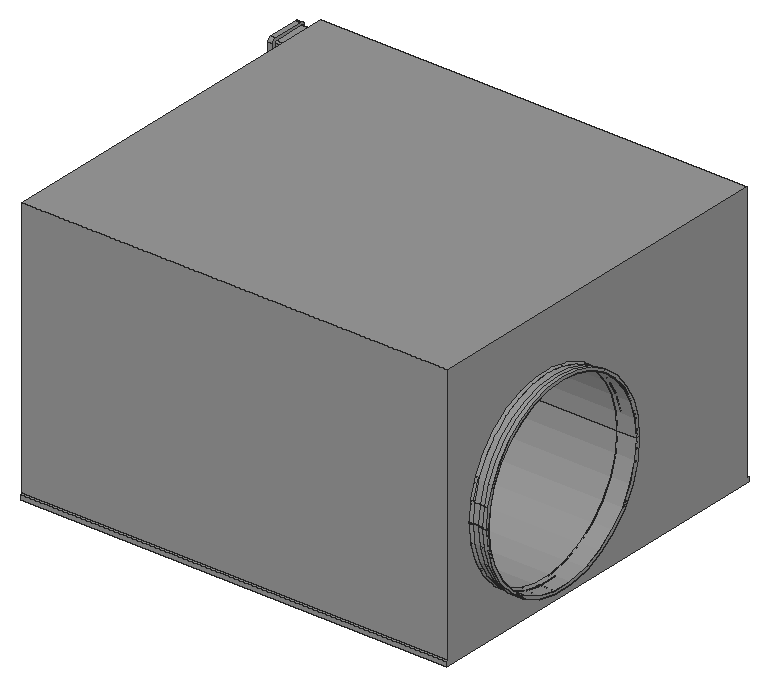
Revit family "IRB 400 E3 ErP AC_7890117", category Mechanical Equipment, Revit 2014
Parameters (values of type "IRB 400 E3 ErP AC")
  Wiring diagram = "Y 4040004 / Δ4040003"
  Width = 995 mm
  Weight = 68.40 kg
  Voltage range = "380-415 V"
  Voltage = 400 V
  Speed = "1440 rpm"
  Sound pressure level at 3 m = "53dB(A)"
  Power = 739 W
  Phase = 3
  Max. temperature of transported air when speed controlled = 40 °C
  Max. temperature of transported air = 40 °C
  Main Material = Steel, Galvanized
  Height = 808 mm
  Frequency = 50 Hz
  Elevation [instance] = 2600 mm
  Diameter = 400 mm
  Description = "Insulated duct fans with circular connections"
  Depth = 567 mm
  Current = 2.28 A
  Capacitor = "- µF"
Reference planes
  plane 1 "Center (Front/Back)": y = 0
  plane 2: z = 0
  plane 3 "Center (Left/Right)": x = 0
  plane 4: z = 2600
Dimensions and locks
  "Elevation": plane 4 to plane 2
  aligned and locked: level to plane 2
  aligned and locked: plane 3 "Center (Left/Right)" to nested 1
  aligned and locked: plane 1 "Center (Front/Back)" to nested 1
  aligned and locked: nested 1 to nested 2  (x2)
  aligned and locked: nested 1 to plane 4
Nested families
  nested 1: "IRB" at (0, 0, 2600), type "IRB"
  nested 2: "Flow direction symbol" at (0, 0, 0), type "Flow direction symbol"
Connectors
  electrical at (-497.5, 352.5, 3115.5), driven by "Phase", driven by "Voltage", driven by "Power"
    settings: on nested 1, index 1, voltage 400 V, apparent load 0 VA, apparent load phase1 739 VA, apparent load phase2 0 VA, apparent load phase3 0 VA, power factor 1, load classification "Other", number of poles 3, system type 31, power factor state 1, is connector primary yes, connector utility no, sub classification motor no, connector description ""
  hvac at (-497.5, -144.5, 2851.995), driven by "Diameter"
    settings: on nested 1, index 4, duct flow 0.0 L/s, flow factor 0, pres drop 0.0 Pa, loss coef 0, conn angle 0.00°, conn width 304.8 mm, conn height 304.8 mm, conn diameter 400 mm, duct sys type 1, conn prof type 0, flow config 0, flow direction 1, loss method 0, conn ref index -1, conn util no, is conn primary yes, conn desc ""
  hvac at (497.5, -144.5, 2851.995), driven by "Diameter"
    settings: on nested 1, index 5, duct flow 0.0 L/s, flow factor 0, pres drop 0.0 Pa, loss coef 0, conn angle 0.00°, conn width 304.8 mm, conn height 304.8 mm, conn diameter 400 mm, duct sys type 3, conn prof type 0, flow config 0, flow direction 2, loss method 0, conn ref index -1, conn util no, is conn primary no, conn desc ""
Definition of nested family "IRB"
  Parameters (values of type "IRB")
    Width = 995 mm
    Main Material = Steel, Galvanized
    Height = 808 mm
    Description = ""
    Depth = 567 mm
  Reference planes
    plane 1 "Center (Front/Back)": y = 0
    plane 2: z = 0
    plane 3 "Center (Left/Right)": x = 0
    plane 4: z = 567
    plane 5 "Horizontal Pipe Axis": z = 316
    plane 6: z = 10
    plane 7: z = 557
    plane 8: x = -456
    plane 9: x = 456
    plane 10: x = -497.5
    plane 11: x = 497.5
    plane 12: y = 404
    plane 13: y = -404
    plane 14: y = 394
    plane 15: x = -487.5
    plane 16: y = -144
  Forms (mm)
    Extrusion 1, solid, material "Steel, Galvanized" <- "Main Material", detail levels medium+fine
      sketch origin (0, 0, 0) x (0, 1, 0) y (0, 0, 1)
        loop
          line (-404, 0) -> (404, 0) -> (404, 10) -> (399, 10) -> (399, 11) -> (399, 567) -> (-399, 567) -> (-399, 10) -> (-404, 10) -> (-404, 0)
      from -456 to 456
    Extrusion 2, void
      sketch origin (0, 64.5, -65.499) x (0, 1, 0) y (0, 0, 1)
        loop
          circle (-209.5, 316.497) r 199
      from -809.837 to 500.936
    Extrusion 3, solid, material "Steel, Galvanized" <- "Main Material", detail levels coarse
      sketch origin (0, 66, -63.157) x (0, 1, 0) y (0, 0, -1)
        loop
          circle (-208.916, -314.143) r 199
      from 456 to 497.5
    Extrusion 4, solid, material "Steel, Galvanized" <- "Main Material", detail levels coarse
      sketch origin (0, 0, 0) x (0, 1, 0) y (0, 0, 1)
        loop
          line (404, 567) -> (-404, 567) -> (-404, 0) -> (404, 0) -> (404, 567)
      from -456 to 456
    Sweep 5, solid, material "Plastic, Opaque White", detail levels fine
      path origin (0, 0, 0) x (1, 0, 0) y (0, 1, 0)
        loop
          line (-487.5, 394) -> (-497.5, 394)
      profile origin (-492.5, 394, 0) x (0, -1, 0) y (0, 0, 1)
        loop
          arc (8.073, 557) -> (2.365, 554.635) -> (0, 548.927) r 8.073
          line (0, 548.927) -> (0, 482.073)
          arc (0, 482.073) -> (2.365, 476.365) -> (8.073, 474) r 8.073
          line (8.073, 474) -> (74.927, 474)
          arc (74.927, 474) -> (80.635, 476.365) -> (83, 482.073) r 8.073
          line (83, 482.073) -> (83, 548.927)
          arc (83, 548.927) -> (80.635, 554.635) -> (74.927, 557) r 8.073
          line (74.927, 557) -> (8.073, 557)
    Sweep 6, solid, material "Plastic, Opaque White", detail levels fine
      path origin (0, 0, 0) x (1, 0, 0) y (0, 1, 0)
        loop
          line (-487.5, 352.5) -> (-456, 352.5)
      profile origin (-471.75, 352.5, 0) x (0, 1, 0) y (0, 0, 1)
        loop
          line (33.427, 552) -> (-33.427, 552)
          arc (-33.427, 552) -> (-35.6, 551.1) -> (-36.5, 548.927) r 3.073
          line (-36.5, 548.927) -> (-36.5, 482.073)
          arc (-36.5, 482.073) -> (-35.6, 479.9) -> (-33.427, 479) r 3.073
          line (-33.427, 479) -> (33.427, 479)
          arc (33.427, 479) -> (35.6, 479.9) -> (36.5, 482.073) r 3.073
          line (36.5, 482.073) -> (36.5, 548.927)
          arc (36.5, 548.927) -> (35.6, 551.1) -> (33.427, 552) r 3.073
    Extrusion 7, solid, material "Steel, Galvanized" <- "Main Material", detail levels coarse
      sketch origin (0, 66, -63.157) x (0, 1, 0) y (0, 0, 1)
        loop
          circle (-208.916, 314.143) r 199
      from 456 to 497.5
    Extrusion 8, void, detail levels medium+fine
      sketch origin (0, 64.5, -25.499) x (0, 1, 0) y (0, 0, 1)
        loop
          circle (-209.5, 277.499) r 198
      from -809.837 to 500.936
    Extrusion 9, solid, material "Steel, Galvanized" <- "Main Material", detail levels coarse
      sketch origin (0, 66, -23.157) x (0, 1, 0) y (0, 0, -1)
        loop
          circle (-208.916, -277.262) r 198
      from 456 to 497.5
    Revolve 10, solid, material "Steel, Galvanized" <- "Main Material", detail levels medium+fine
      sketch origin (0, 34.5, 252) x (-1, 0, 0) y (0, -1, 0)
        loop
          line (497.5, -25.5) -> (497.5, 178.5) -> (456, 178.5) -> (456, -21.5)
          arc (456, -21.5) -> (460.25, -23.5) -> (464.5, -21.5) r 5.516
          line (464.5, -21.5) -> (479.5, -21.5) -> (479.5, -23.5) -> (489.5, -23.5) -> (489.5, -25.5) -> (497.5, -25.5)
        axis (456, 178.5) -> (497.5, 178.5)
      angle from 0 to 360
    Revolve 11, solid, material "Steel, Galvanized" <- "Main Material", detail levels medium+fine
      sketch origin (0, 0, 252) x (1, 0, 0) y (0, 1, 0)
        loop
          line (497.5, 60) -> (489.5, 60) -> (489.5, 58) -> (479.5, 58) -> (479.5, 56) -> (464.5, 56)
          arc (464.5, 56) -> (460.25, 58) -> (456, 56) r 5.516
          line (456, 56) -> (456, -144) -> (497.5, -144) -> (497.5, 60)
        axis (456, -144) -> (497.5, -144)
      angle from 0 to 360
    Extrusion 12, solid, material "Steel, Galvanized" <- "Main Material", detail levels coarse
      sketch origin (0, 66, -23.157) x (0, 1, 0) y (0, 0, 1)
        loop
          circle (-208.916, 277.262) r 198
      from 456 to 497.5
    Extrusion 13, void
      sketch origin (0, 64.5, -26.502) x (0, 1, 0) y (0, 0, 1)
        loop
          circle (-209.5, 277.499) r 199
      from -809.837 to 500.936
    Revolve 14, solid, material "Steel, Galvanized" <- "Main Material", detail levels medium+fine
      sketch origin (0, 34.5, 250.997) x (-1, 0, 0) y (0, -1, 0)
        loop
          line (497.5, -25.5) -> (497.5, 178.5) -> (456, 178.5) -> (456, -21.5)
          arc (456, -21.5) -> (460.25, -23.5) -> (464.5, -21.5) r 5.516
          line (464.5, -21.5) -> (479.5, -21.5) -> (479.5, -23.5) -> (489.5, -23.5) -> (489.5, -25.5) -> (497.5, -25.5)
        axis (456, 178.5) -> (497.5, 178.5)
      angle from 0 to 360
    Revolve 15, solid, material "Steel, Galvanized" <- "Main Material", detail levels medium+fine
      sketch origin (0, 0, 250.997) x (1, 0, 0) y (0, 1, 0)
        loop
          line (497.5, 60) -> (489.5, 60) -> (489.5, 58) -> (479.5, 58) -> (479.5, 56) -> (464.5, 56)
          arc (464.5, 56) -> (460.25, 58) -> (456, 56) r 5.516
          line (456, 56) -> (456, -144) -> (497.5, -144) -> (497.5, 60)
        axis (456, -144) -> (497.5, -144)
      angle from 0 to 360
    Extrusion 16, void
      sketch origin (0, 64.5, -25.504) x (0, 1, 0) y (0, 0, 1)
        loop
          circle (-209.5, 277.499) r 199
      from -809.837 to 500.936
    Revolve 17, solid, material "Steel, Galvanized" <- "Main Material", detail levels medium+fine
      sketch origin (0, 34.5, 251.995) x (-1, 0, 0) y (0, -1, 0)
        loop
          line (497.5, -25.5) -> (497.5, 178.5) -> (456, 178.5) -> (456, -21.5)
          arc (456, -21.5) -> (460.25, -23.5) -> (464.5, -21.5) r 5.516
          line (464.5, -21.5) -> (479.5, -21.5) -> (479.5, -23.5) -> (489.5, -23.5) -> (489.5, -25.5) -> (497.5, -25.5)
        axis (456, 178.5) -> (497.5, 178.5)
      angle from 0 to 360
    Revolve 18, solid, material "Steel, Galvanized" <- "Main Material", detail levels medium+fine
      sketch origin (0, 0, 251.995) x (1, 0, 0) y (0, 1, 0)
        loop
          line (497.5, 60) -> (489.5, 60) -> (489.5, 58) -> (479.5, 58) -> (479.5, 56) -> (464.5, 56)
          arc (464.5, 56) -> (460.25, 58) -> (456, 56) r 5.516
          line (456, 56) -> (456, -144) -> (497.5, -144) -> (497.5, 60)
        axis (456, -144) -> (497.5, -144)
      angle from 0 to 360
  Cuts and joins
    Extrusion 2 cuts Extrusion 1
    joined: Sweep 5, Sweep 6
    Extrusion 8 cuts Extrusion 4
    Extrusion 8 cuts Revolve 10
    Extrusion 8 cuts Revolve 11
    Extrusion 13 cuts Revolve 14
    Extrusion 13 cuts Revolve 15
    Extrusion 16 cuts Revolve 17
    Extrusion 16 cuts Revolve 18
  Dimensions and locks
    equal spacing: plane 10, plane 3 "Center (Left/Right)", plane 11
    "Width": plane 10 to plane 11
    "Depth": plane 4 to level
    locked: plane 12 to plane 14 at 10
    locked: plane 4 to plane 7 at 10
    locked: plane 10 to plane 15 at 10
    locked: plane 10 to plane 8 at 41.5
    locked: plane 9 to plane 11 at 41.5
    locked: Sweep 6 sketch curve to plane 7 at 5
    locked: plane 14 to Sweep 6 sketch curve at 5
    plane 4 to plane 5 "Horizontal Pipe Axis" = 251 mm
    equal spacing: plane 12, plane 1 "Center (Front/Back)", plane 13
    "Height": plane 12 to plane 13
    aligned and locked: level to plane 2
    aligned and locked: Extrusion 1 sketch curve to plane 13
    aligned and locked: plane 2 to Extrusion 1 sketch curve
    aligned and locked: Extrusion 1 sketch curve to plane 12
    aligned and locked: Extrusion 1 to plane 9
    aligned and locked: Extrusion 1 to plane 8
    aligned and locked: Extrusion 3 to plane 10
    aligned and locked: plane 8 to Extrusion 3
    aligned and locked: Extrusion 3 to plane 8
    aligned and locked: plane 4 to Extrusion 4 sketch curve
    aligned and locked: plane 12 to Extrusion 4 sketch curve
    aligned and locked: Extrusion 4 to plane 8
    aligned and locked: Extrusion 4 to plane 9
    aligned and locked: plane 10 to Sweep 5 sketch curve
    aligned and locked: plane 15 to Sweep 5 sketch curve
    aligned and locked: Sweep 5 sketch curve to plane 7
    aligned and locked: Sweep 5 sketch curve to plane 14
    aligned and locked: plane 8 to Sweep 6 sketch curve
    aligned and locked: plane 15 to Sweep 6 sketch curve
  Automatic sketch dimensions
    Extrusion 1 sketch curve to plane 4 = 0 mm
    Extrusion 1 sketch curve to plane 6 = 0 mm  (x2)
    Extrusion 1 sketch curve to plane 13 = 5 mm
    Extrusion 1 sketch curve to plane 12 = 5 mm
    Extrusion 1 sketch curve to Extrusion 1 sketch curve = 1 mm
    Extrusion 2 sketch curve to plane 16 = 1 mm
    Extrusion 2 sketch curve to plane 5 "Horizontal Pipe Axis" = 65.003 mm
    plane 16 to Extrusion 3 sketch curve = 1.084 mm
    Extrusion 3 sketch curve to plane 5 "Horizontal Pipe Axis" = 65.013 mm
    Extrusion 4 sketch curve to plane 13 = 0 mm
    Extrusion 4 sketch curve to level = 0 mm
    Sweep 5 sketch curve to plane 14 = 0 mm
    Sweep 5 sketch curve to profile plane = 8.073 mm  (x2)
    Sweep 5 sketch curve to Sweep 5 sketch curve = 66.854 mm  (x3)
    Sweep 5 sketch curve to Sweep 5 sketch curve = 8.073 mm
    Sweep 6 sketch curve to plane 14 = 41.5 mm
    Sweep 6 sketch curve to Sweep 6 sketch curve = 3.073 mm  (x3)
    profile plane to Sweep 6 sketch curve = 33.427 mm  (x2)
    Sweep 6 sketch curve to Sweep 6 sketch curve = 66.854 mm
    plane 16 to Extrusion 7 sketch curve = 1.084 mm
    Extrusion 7 sketch curve to plane 5 "Horizontal Pipe Axis" = 65.013 mm
    Extrusion 8 sketch curve to plane 16 = 1 mm
    Extrusion 8 sketch curve to plane 5 "Horizontal Pipe Axis" = 64 mm
    plane 16 to Extrusion 9 sketch curve = 1.084 mm
    Extrusion 9 sketch curve to plane 5 "Horizontal Pipe Axis" = 61.894 mm
    Revolve 10 sketch curve to plane 8 = 0 mm  (x2)
    Revolve 10 sketch curve to plane 10 = 0 mm
    Revolve 10 sketch curve to plane 16 = 0 mm  (x2)
    Revolve 10 sketch curve to plane 8 = 4.25 mm
    Revolve 10 sketch curve to Revolve 10 sketch curve = 4.25 mm
    plane 15 to Revolve 10 sketch curve = 8 mm
    Revolve 10 sketch curve to plane 15 = 2 mm
    Revolve 10 sketch curve to plane 1 "Center (Front/Back)" = 52.485 mm
    Revolve 10 sketch curve to Revolve 10 sketch curve = 3.515 mm
    Revolve 10 sketch curve to Revolve 10 sketch curve = 2 mm  (x2)
    Revolve 10 sketch curve to Revolve 10 sketch curve = 93.5 mm
    Revolve 11 sketch curve to plane 9 = 0 mm  (x2)
    Revolve 11 sketch curve to plane 11 = 0 mm
    Revolve 11 sketch curve to plane 16 = 0 mm  (x2)
    Revolve 11 sketch curve to plane 9 = 4.25 mm
    Revolve 11 sketch curve to Revolve 11 sketch curve = 4.25 mm
    Revolve 11 sketch curve to Revolve 11 sketch curve = 15 mm
    plane 11 to Revolve 11 sketch curve = 8 mm
    Revolve 11 sketch curve to plane 1 "Center (Front/Back)" = 52.485 mm
    Revolve 11 sketch curve to Revolve 11 sketch curve = 3.515 mm
    Revolve 11 sketch curve to Revolve 11 sketch curve = 2 mm  (x2)
    Revolve 11 sketch curve to Revolve 11 sketch curve = 93.5 mm
    plane 16 to Extrusion 12 sketch curve = 1.084 mm
    Extrusion 12 sketch curve to plane 5 "Horizontal Pipe Axis" = 61.894 mm
    Extrusion 13 sketch curve to plane 16 = 1 mm
    Extrusion 13 sketch curve to plane 5 "Horizontal Pipe Axis" = 65.003 mm
    Revolve 14 sketch curve to plane 8 = 0 mm  (x2)
    Revolve 14 sketch curve to plane 10 = 0 mm
    Revolve 14 sketch curve to plane 16 = 0 mm  (x2)
    Revolve 14 sketch curve to plane 8 = 4.25 mm
    Revolve 14 sketch curve to Revolve 14 sketch curve = 4.25 mm
    plane 15 to Revolve 14 sketch curve = 8 mm
    Revolve 14 sketch curve to plane 15 = 2 mm
    Revolve 14 sketch curve to plane 1 "Center (Front/Back)" = 52.485 mm
    Revolve 14 sketch curve to Revolve 14 sketch curve = 3.515 mm
    Revolve 14 sketch curve to Revolve 14 sketch curve = 2 mm  (x2)
    Revolve 14 sketch curve to Revolve 14 sketch curve = 93.5 mm
    Revolve 15 sketch curve to plane 9 = 0 mm  (x2)
    Revolve 15 sketch curve to plane 11 = 0 mm
    Revolve 15 sketch curve to plane 16 = 0 mm  (x2)
    Revolve 15 sketch curve to plane 9 = 4.25 mm
    Revolve 15 sketch curve to Revolve 15 sketch curve = 4.25 mm
    Revolve 15 sketch curve to Revolve 15 sketch curve = 15 mm
    plane 11 to Revolve 15 sketch curve = 8 mm
    Revolve 15 sketch curve to plane 1 "Center (Front/Back)" = 52.485 mm
    Revolve 15 sketch curve to Revolve 15 sketch curve = 3.515 mm
    Revolve 15 sketch curve to Revolve 15 sketch curve = 2 mm  (x2)
    Revolve 15 sketch curve to Revolve 15 sketch curve = 93.5 mm
    Extrusion 16 sketch curve to plane 16 = 1 mm
    Extrusion 16 sketch curve to plane 5 "Horizontal Pipe Axis" = 64.005 mm
    Revolve 17 sketch curve to plane 8 = 0 mm  (x2)
    Revolve 17 sketch curve to plane 10 = 0 mm
    Revolve 17 sketch curve to plane 16 = 0 mm  (x2)
    Revolve 17 sketch curve to plane 8 = 4.25 mm
    Revolve 17 sketch curve to Revolve 17 sketch curve = 4.25 mm
    plane 15 to Revolve 17 sketch curve = 8 mm
    Revolve 17 sketch curve to plane 15 = 2 mm
    Revolve 17 sketch curve to plane 1 "Center (Front/Back)" = 52.485 mm
    Revolve 17 sketch curve to Revolve 17 sketch curve = 3.515 mm
    Revolve 17 sketch curve to Revolve 17 sketch curve = 2 mm  (x2)
    Revolve 17 sketch curve to Revolve 17 sketch curve = 93.5 mm
    Revolve 18 sketch curve to plane 9 = 0 mm  (x2)
    Revolve 18 sketch curve to plane 11 = 0 mm
    Revolve 18 sketch curve to plane 16 = 0 mm  (x2)
    Revolve 18 sketch curve to plane 9 = 4.25 mm
    Revolve 18 sketch curve to Revolve 18 sketch curve = 4.25 mm
    Revolve 18 sketch curve to Revolve 18 sketch curve = 15 mm
    plane 11 to Revolve 18 sketch curve = 8 mm
    Revolve 18 sketch curve to plane 1 "Center (Front/Back)" = 52.485 mm
    Revolve 18 sketch curve to Revolve 18 sketch curve = 3.515 mm
    Revolve 18 sketch curve to Revolve 18 sketch curve = 2 mm  (x2)
    Revolve 18 sketch curve to Revolve 18 sketch curve = 93.5 mm
    radius of Extrusion 2 sketch curve = 199 mm
    radius of Extrusion 3 sketch curve = 199 mm
    radius of Extrusion 7 sketch curve = 199 mm
    radius of Extrusion 8 sketch curve = 198 mm
    radius of Extrusion 9 sketch curve = 198 mm
    radius of Extrusion 12 sketch curve = 198 mm
    radius of Extrusion 13 sketch curve = 199 mm
    radius of Extrusion 16 sketch curve = 199 mm
Definition of nested family "Flow direction symbol"
  Parameters (values of type "Flow direction symbol")
    Warning = "!"
    Text = "DIMENSIONS OVERCONSTRAINT"
  Reference planes
    plane 1: y = 0
    plane 2: x = 0
  Lines and regions (mm)
    detail lines
      curve 1: line (-0.506, 0.877, 0) -> (-0.506, -0.877, 0)
      curve 2: line (1.012, 0, 0) -> (-0.506, -0.877, 0)
      curve 3: line (-0.506, 0.877, 0) -> (1.012, 0, 0)
      curve 4: circle (0, 0, 0) r 1 normal (0, 0, 1)
